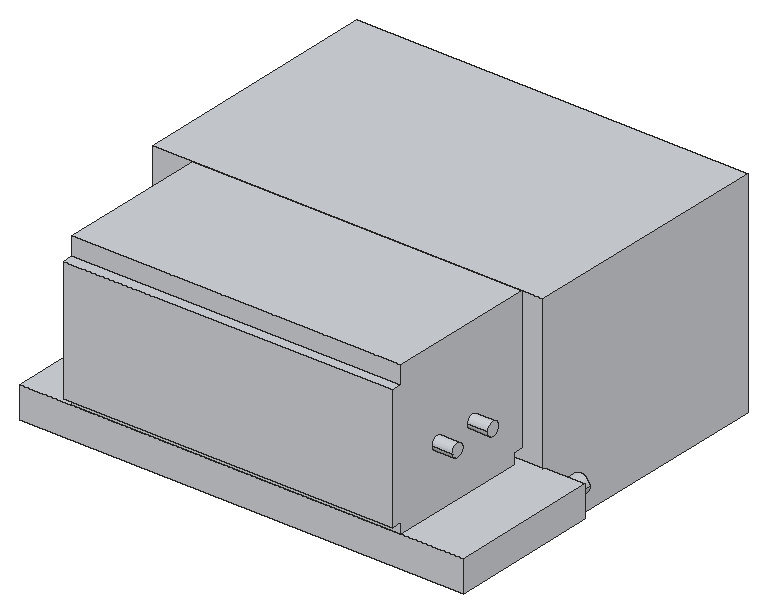
Revit family "rmeadvancedsamplefamily", category Mechanical Equipment, Revit 2024
Family settings
  Round Connector Dimension = Use Diameter
  Part Type = Normal
  OmniClass Number = 23.75.70.17.27
  OmniClass Title = Fan Coil Units
  Work Plane-Based = No
  Always vertical = Yes
  Cut with Voids When Loaded = No
  Maintain Annotation Orientation = No
  Shared = No
  Room Calculation Point = No
Parameters (values of type "94 LPS")
  Voltage = 120 V
  Unit Length = 539.8 mm
  Unit Height = 222.3 mm
  Total Cooling Capacity = 1758.43 W
  Supply Air Width = 400 mm
  Supply Air Height = 150 mm
  Sensible Cooling Capacity = 1348.13 W
  Return Air Width = 475 mm
  Refrigerant Flow [instance] = 0.06 L/s
  Number of Poles = 1
  Nominal Air Flow [instance] = 94.39 L/s
  Load Classification = Cooling
  External Static Pressure [instance] = 74.65 Pa
  Drain Flow [instance] = 0.0 L/s
  Default Elevation = 0 mm
  CFU Material = none
  C2 Offset 1 = 108 mm
  C1 Offset 1 = 108 mm
  Assembly Code = ""
  Apparent Load = 50 VA
Types (7, lengths in mm): name | Unit Length | Unit Height | Total Cooling Capacity | Supply Air Width | Supply Air Height | Sensible Cooling Capacity | Return Air Width | Refrigerant Flow | Nominal Air Flow | C2 Offset 1 | C1 Offset 1 | Apparent Load
  94 LPS | 539.8 | 222.3 | 1758.43 W | 400 | 150 | 1348.13 W | 475 | 0.06 L/s | 94.39 L/s | 108 | 108 | 50 VA
  141 LPS | 641.4 | 222.3 | 2637.64 W | 500 | 150 | 2022.19 W | 550 | 0.13 L/s | 141.58 L/s | 108 | 108 | 85 VA
  188 LPS | 793.8 | 222.3 | 3897.85 W | 650 | 150 | 3018.63 W | 700 | 0.19 L/s | 188.78 L/s | 108 | 108 | 165 VA
  282 LPS | 920.8 | 254 | 5275.28 W | 800 | 200 | 4278.84 W | 850 | 0.25 L/s | 283.17 L/s | 123.8 | 92.1 | 225 VA
  376 LPS | 1098.6 | 254 | 6623.41 W | 950 | 200 | 4952.9 W | 1000 | 0.32 L/s | 377.56 L/s | 123.8 | 92.1 | 235 VA
  470 LPS | 1454.2 | 254 | 8059.45 W | 1300 | 200 | 6154.49 W | 1400 | 0.38 L/s | 471.95 L/s | 85.7 | 123.8 | 305 VA
  564 LPS | 1657.4 | 254 | 9612.73 W | 1500 | 200 | 7326.78 W | 1600 | 0.44 L/s | 566.34 L/s | 85.7 | 123.8 | 435 VA
Reference planes
  plane 1 "Center (Front/Back)": y = 0
  plane 2: z = 0
  plane 3 "Center (Left/Right)": x = 0
  plane 4: y = -12.7
  plane 5: y = 495.3
  plane 6: x = 539.8
  plane 7: x = 463.6
  plane 8: x = 63.6
  plane 9: y = 184.15
  plane 10: z = 222.3
  plane 11: z = 38.1
  plane 12: z = 200.075
  plane 13: y = 171.45
  plane 14: z = 50.8
  plane 15: x = 14
  plane 16: x = 489
  plane 17: y = 53.975
  plane 18: y = 107.95
  plane 19: z = 114.3
  plane 20: z = 114.3
  plane 21: x = 514.4
  plane 22: z = 19.05
  plane 23: y = 209.55
  plane 24: y = 469.9
  plane 25: y = 393.7
  plane 26: z = 174.675
Forms (mm)
  Extrusion 1, solid, material <- "CFU Material"
    sketch origin (0, 0, 0) x (1, 0, 0) y (0, 1, 0)
      loop
        line (0, 184.15) -> (0, 0) -> (539.8, 0) -> (539.8, 184.15) -> (0, 184.15)
    from 0 to 38.1
  Extrusion 2, solid, material <- "CFU Material"
    sketch origin (0, 0, 0) x (0, 1, 0) y (0, 0, 1)
      loop
        line (184.15, 222.3) -> (0, 222.3) -> (0, 200.075) -> (-12.7, 200.075) -> (-12.7, 50.8) -> (0, 50.8) -> (0, 38.1) -> (171.45, 38.1) -> (171.45, 50.8) -> (184.15, 50.8) -> (184.15, 222.3)
    from 63.6 to 463.6
  Extrusion 3, solid, material <- "CFU Material"
    sketch origin (0, 0, 0) x (0, 1, 0) y (0, 0, 1)
      loop
        line (184.15, 222.3) -> (184.15, -38.05) -> (495.3, -38.05) -> (495.3, 222.3) -> (184.15, 222.3)
    from 14 to 489
  Extrusion 4, solid, material <- "CFU Material"
    sketch origin (0, 0, 0) x (1, 0, 0) y (0, 0, 1)
      loop
        circle (514.4, 19.05) r 11.113
    from -209.55 to -184.15
  Extrusion 5, solid, material <- "CFU Material"
    sketch origin (0, 0, 0) x (0, 1, 0) y (0, 0, 1)
      loop
        circle (53.975, 114.3) r 7.938
    from 463.6 to 489
  Extrusion 6, solid, material <- "CFU Material"
    sketch origin (0, 0, 0) x (0, 1, 0) y (0, 0, 1)
      loop
        circle (107.95, 114.3) r 7.938
    from 463.6 to 489
  Extrusion 7, solid, material <- "CFU Material"
    sketch origin (0, 0, 0) x (1, 0, 0) y (0, 1, 0)
      loop
        line (0, 469.9) -> (0, 393.7) -> (14, 393.7) -> (14, 469.9) -> (0, 469.9)
    from 174.675 to 200.075
Dimensions and locks
  locked: plane 4 to plane 1 "Center (Front/Back)" at 12.7
  locked: plane 4 to plane 5 at 508
  "Unit Length": plane 3 "Center (Left/Right)" to plane 6
  locked: plane 7 to plane 6 at 76.2
  "Supply Air Width": plane 8 to plane 7
  locked: plane 1 "Center (Front/Back)" to plane 9 at 184.15
  "Unit Height": plane 10 to plane 2
  locked: plane 11 to plane 2 at 38.1
  locked: plane 10 to plane 12 at 22.225
  locked: plane 13 to plane 9 at 12.7
  locked: plane 14 to plane 11 at 12.7
  locked: plane 10 to Extrusion 3 sketch curve at 260.35
  locked: plane 4 to plane 17 at 66.675
  locked: plane 4 to plane 18 at 120.65
  "C1 Offset 1": plane 10 to plane 19
  "C2 Offset 1": plane 10 to plane 20
  locked: plane 6 to plane 21 at 25.4
  equal spacing: plane 11, plane 22, level
  locked: plane 9 to plane 23 at 25.4
  locked: plane 7 to plane 16 at 25.4
  locked: plane 5 to plane 24 at 25.4
  locked: plane 24 to plane 25 at 76.2
  locked: plane 12 to plane 26 at 25.4
  "Return Air Width": plane 15 to plane 16
  radius of Extrusion 5 sketch curve = 7.938 mm
  radius of Extrusion 6 sketch curve = 7.938 mm
  aligned and locked: plane 3 "Center (Left/Right)" to Extrusion 1 sketch curve
  aligned and locked: plane 9 to Extrusion 1 sketch curve
  aligned and locked: plane 1 "Center (Front/Back)" to Extrusion 1 sketch curve
  aligned and locked: Extrusion 1 sketch curve to plane 6
  aligned and locked: Extrusion 1 to plane 2
  aligned and locked: plane 11 to Extrusion 1
  aligned and locked: plane 10 to Extrusion 2 sketch curve
  aligned and locked: plane 1 "Center (Front/Back)" to Extrusion 2 sketch curve  (x2)
  aligned and locked: plane 12 to Extrusion 2 sketch curve
  aligned and locked: plane 4 to Extrusion 2 sketch curve
  aligned and locked: Extrusion 2 sketch curve to plane 14  (x2)
  aligned and locked: Extrusion 2 sketch curve to plane 11
  aligned and locked: Extrusion 2 sketch curve to plane 13
  aligned and locked: Extrusion 2 sketch curve to plane 9
  aligned and locked: plane 7 to Extrusion 2
  aligned and locked: Extrusion 2 to plane 8
  aligned and locked: plane 16 to Extrusion 3
  aligned and locked: Extrusion 3 to plane 15
  aligned and locked: plane 22 to Extrusion 4 sketch curve
  aligned and locked: plane 21 to Extrusion 4 sketch curve
  aligned and locked: plane 9 to Extrusion 4
  aligned and locked: Extrusion 4 to plane 23
  aligned and locked: plane 17 to Extrusion 5 sketch curve
  aligned and locked: plane 19 to Extrusion 5 sketch curve
  aligned and locked: plane 20 to Extrusion 6 sketch curve
  aligned and locked: plane 18 to Extrusion 6 sketch curve
  aligned and locked: plane 16 to Extrusion 6
  aligned and locked: plane 16 to Extrusion 5
  aligned and locked: Extrusion 6 to plane 7
  aligned and locked: Extrusion 5 to plane 7
  aligned and locked: plane 3 "Center (Left/Right)" to Extrusion 7 sketch curve
  aligned and locked: Extrusion 7 sketch curve to plane 24
  aligned and locked: plane 25 to Extrusion 7 sketch curve
  aligned and locked: Extrusion 7 sketch curve to plane 15
  aligned and locked: plane 12 to Extrusion 7
  aligned and locked: Extrusion 7 to plane 26
Automatic sketch dimensions
  Extrusion 3 sketch curve to plane 9 = 0 mm
  Extrusion 3 sketch curve to plane 5 = 0 mm
  Extrusion 3 sketch curve to plane 10 = 0 mm
  radius of Extrusion 4 sketch curve = 11.113 mm
Connectors
  hvac at (263.6, -12.7, 125.437), driven by "Nominal Air Flow", driven by "Supply Air Height", driven by "Supply Air Width"
    settings: on Extrusion 2, index 1, duct flow 94.39 L/s, flow factor 0, pres drop 0.0 Pa, loss coef 0, conn angle 0.00°, conn width 400 mm, conn height 150 mm, conn diameter 609.6 mm, duct sys type 1, conn prof type 1, flow config 0, flow direction 2, loss method 0, conn ref index 2, conn util no, is conn primary yes, conn desc ""
  hvac at (251.5, 495.3, 92.125), driven by "Nominal Air Flow", driven by "Return Air Width"
    settings: on Extrusion 3, index 2, duct flow 94.39 L/s, flow factor 0, pres drop 0.0 Pa, loss coef 0, conn angle 0.00°, conn width 475 mm, conn height 260.35 mm, conn diameter 609.6 mm, duct sys type 2, conn prof type 1, flow config 0, flow direction 1, loss method 0, conn ref index 1, conn util no, is conn primary no, conn desc ""
  piping at (489, 53.975, 114.3), diameter 15.875, driven by "Refrigerant Flow"
    settings: on Extrusion 5, index 3, connector inside diameter 15.875 mm, connector length 0 mm, flow factor 0, pipe flow 0.06 L/s, pressure drop 0.0 Pa, fitting loss kfactor 0, connector angle 0.00°, fixture units 0, engagement length 0 mm, angle of deflection 0.00°, flow configuration 1, flow direction 1, fitting loss method 0, system type 22, joint type 0, gender type 0, connector reference index 4, connector utility 0, adjustable connector no, is connector primary yes, connector description "Refrigerant, In"
  piping at (489, 107.95, 114.3), diameter 15.875, driven by "Refrigerant Flow"
    settings: on Extrusion 6, index 4, connector inside diameter 15.875 mm, connector length 0 mm, flow factor 0, pipe flow 0.06 L/s, pressure drop 0.0 Pa, fitting loss kfactor 0, connector angle 0.00°, fixture units 0, engagement length 0 mm, angle of deflection 0.00°, flow configuration 1, flow direction 2, fitting loss method 0, system type 22, joint type 0, gender type 0, connector reference index 3, connector utility 0, adjustable connector no, is connector primary no, connector description "Refrigerant, Out"
  electrical at (0, 431.8, 187.375), driven by "Apparent Load", driven by "Voltage", driven by "Number of Poles", driven by "Load Classification"
    settings: on Extrusion 7, index 5, voltage 120 V, apparent load 50 VA, apparent load phase1 0 VA, apparent load phase2 0 VA, apparent load phase3 0 VA, power factor 0.8, load classification "Cooling", number of poles 1, system type 30, power factor state 1, is connector primary yes, connector utility no, sub classification motor no, connector description ""
  piping at (514.4, 209.55, 19.05), diameter 22.225, driven by "Drain Flow"
    settings: on Extrusion 4, index 6, connector inside diameter 22.225 mm, connector length 0 mm, flow factor 0, pipe flow 0.0 L/s, pressure drop 0.0 Pa, fitting loss kfactor 0, connector angle 0.00°, fixture units 0, engagement length 0 mm, angle of deflection 0.00°, flow configuration 1, flow direction 2, fitting loss method 0, system type 16, joint type 0, gender type 0, connector reference index -1, connector utility 0, adjustable connector yes, is connector primary no, connector description "Drain, Out"
